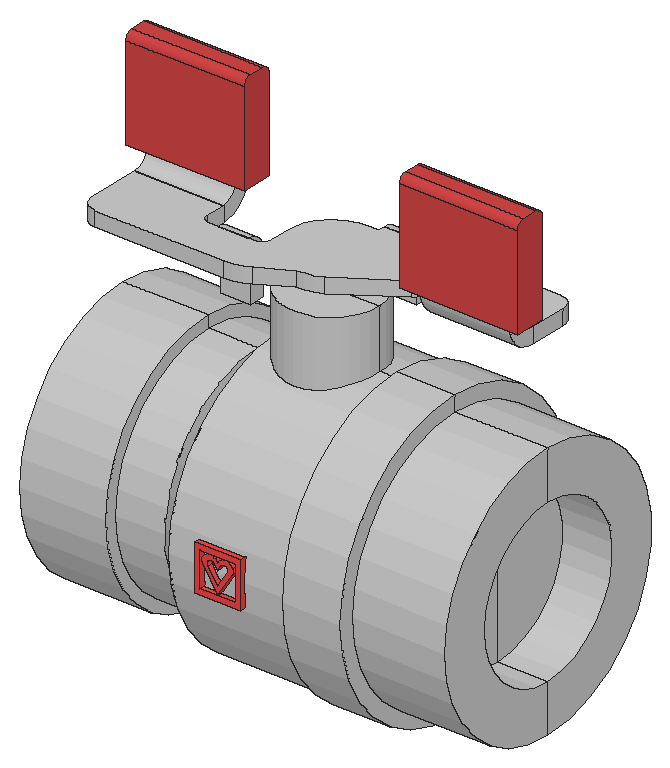
Revit family "HERZ Ball valve with T-handle (sheet steel) 2201", category Rohrzubehör, Revit 2018
Family settings
  Bemaßung runder Anschluss = Durchmesser verwenden
  Teiletyp = Unterbricht
  OmniClass-Nummer = 23.65.55.14
  OmniClass-Titel = Valves for Liquid Services
  Arbeitsebenenbasiert = Nein
  Immer vertikal = Ja
  Beim Laden mit Abzugskörper schneiden = Nein
  Gemeinsam genutzt = Nein
Parameters
  Weight [instance] = if(Nennweite = 15 mm, 0.17, if(Nennweite = 20 mm, 0.246, if(Nennweite = 25 mm, 0.458, if(Nennweite = 32 mm, 0.712, 0))))  # 0.712
  Spindle seals = "PTFE"  # constant formula
  Spindle = "machined brass according to EN 12164, CW614N"  # constant formula
  Part number [instance] = size_lookup("2201_3X_", "Artnr", 0, Nennweite)  # 1220134
  Min. operating temperature (water) = 0.5 °C  # constant formula
  Min. operating temperature = -30 °C  # constant formula
  Medium = "Heating water quality according to ÖNORM H5195 or VDI-Standard 2035.\r\nThe use of ethylene or propylene glycol in a mixing ratio 25- 50% is allowed."
  Max. operating temperature (water - no steam) = 110 °C  # constant formula
  Max. operating pressure (screw connection) = 1600000.0 Pa  # constant formula
  W01 = 135.00°  # constant formula
  URL = "www.herzvalves.com"
  SCRNSEQ = "ARM;ARM_TYP=\"ABVS\";2"
  SCRNCODE = "05;10;02"  # constant formula
  S02 [instance] = 2 * D01  # 51 mm
  S01 [instance] = L01 + L02 + L06  # 84.5 mm
  R01 [instance] = size_lookup("2201_3X_", "R1", 1 mm, Nennweite)  # 9.5 mm
  Nennweite [instance] = 32 mm
  Max. operating temperature = 150 °C  # constant formula
  Max. operating pressure = 2500000.0 Pa  # constant formula
  L06 [instance] = size_lookup("2201_3X_", "L6", 1 mm, Nennweite)  # 18.5 mm
  L05 [instance] = size_lookup("2201_3X_", "L5", 1 mm, Nennweite)  # 34.8 mm
  L04 [instance] = size_lookup("2201_3X_", "L4", 1 mm, Nennweite)  # 11.5 mm
  L03 [instance] = size_lookup("2201_3X_", "L3", 1 mm, Nennweite)  # 17 mm
  L02 [instance] = size_lookup("2201_3X_", "L2", 1 mm, Nennweite)  # 24.5 mm
  L01 [instance] = size_lookup("2201_3X_", "L1", 1 mm, Nennweite)  # 41.5 mm
  Internal threaded connectors = "according to ISO 228-1"  # constant formula
  IG [instance] = Nennweite / 2  # 16 mm
  Hersteller = "HERZ Armaturen Ges.m.b.H"  # constant formula
  Handle = "T-handle, red, sheet steel - plated"  # constant formula
  H01 [instance] = size_lookup("2201_3X_", "H1", 1 mm, Nennweite)  # 39 mm
  GT1 [instance] = size_lookup("2201_3X_", "GT1", 1 mm, Nennweite)  # 10 mm
  GT [instance] = size_lookup("2201_3X_", "GT", 1 mm, Nennweite)  # 16 mm
  Field of application = "HERZ ball valves have to be used as shut off elements.\r\nField of application are building services, such as heating or chilled water plants.\r\nBall valves are used wherever the medium flow has to be reliably closed.\r\nBall valve should not be used as regulating element so it has to be fully opened or fully closed (the handle should not be in intermediate position)."
  DN25-DN32 [instance] = if(Nennweite = 25 mm, 38 mm, 43 mm)  # 43 mm
  DN25+DN32 [instance] = or(Nennweite = 25 mm, Nennweite = 32 mm)  # yes
  DN15-DN20 [instance] = if(Nennweite = 15 mm, 28 mm, 31 mm)  # 31 mm
  DN15+DN20 [instance] = or(Nennweite = 15 mm, Nennweite = 20 mm)  # no
  D05 [instance] = size_lookup("2201_3X_", "D5", 1 mm, Nennweite)  # 25.55 mm
  D04 [instance] = size_lookup("2201_3X_", "D4", 1 mm, Nennweite)  # 27.5 mm
  D03 [instance] = size_lookup("2201_3X_", "D3", 1 mm, Nennweite)  # 28.5 mm
  D02 [instance] = size_lookup("2201_3X_", "D2", 1 mm, Nennweite)  # 23.2 mm
  D01 [instance] = size_lookup("2201_3X_", "D1", 1 mm, Nennweite)  # 25.5 mm
  Body = "forged brass according to EN 12165, nickel plated, CW617N"  # constant formula
  Ball seals = "PTFE"  # constant formula
  Ball = "forged brass according to EN 12165, hollow, full bore, hard chrome plated, CW617N"  # constant formula
  Application = "HERZ ball valve MODUL is designed for building services such as heating and chilled water plants.\r\nThe operating conditions (temperature, pressure) should be constant."
Reference planes
  plane 1 "Mitte (Vorne/hinten)": y = 0
  plane 2: z = 0
  plane 3 "Mitte (Links/rechts)": x = 0
Forms (mm)
  Revolve 1, solid, material "Messing, vernickelt", detail levels fine
    sketch origin (0, 0, 0) x (1, 0, 0) y (0, 0, 1)
      loop
        line (24.5, 25.55) -> (24.5, 28.5) -> (13, 28.5) -> (13, 27.5) -> (-10.3, 27.5) -> (-14.6, 23.2) -> (-24.5, 23.2) -> (-24.5, 25.5) -> (-41.5, 25.5) -> (-41.5, 16) -> (-25.5, 16) -> (-25.5, 0) -> (33, 0) -> (33, 16) -> (43, 16) -> (43, 25.55) -> (24.5, 25.55)
      axis (-41.5, 0) -> (43, 0)
    angle from 0 to 360
  Revolve 2, solid, material "Messing, vernickelt", detail levels fine
    sketch origin (0, 0, 0) x (1, 0, 0) y (0, 0, 1)
      loop
        line (0, 0) -> (5.522, 0) -> (5.522, 8.202) -> (9.5, 8.202) -> (9.5, 39) -> (0, 39) -> (0, 0)
      axis (0, 39) -> (0, 0)
    angle from 0 to 360
Lines and regions (mm)
  model lines, detail levels coarse+medium
    curve 1: line (-42.25, 25.5, 0) -> (-42.25, -25.5, 0)
    curve 2: line (-42.25, -25.5, 0) -> (42.25, 25.5, 0)
    curve 3: line (42.25, 25.5, 0) -> (42.25, -25.5, 0)
    curve 4: line (42.25, -25.5, 0) -> (-42.25, 25.5, 0)
    curve 5: circle (0, 0, 0) r 25.5 normal (0, 0, 1)
    curve 6: line (-25.25, 0, 25.5) -> (-25.25, 0, -25.5)
    curve 7: line (-25.25, 0, -25.5) -> (59.25, 0, 25.5)
    curve 8: line (59.25, 0, 25.5) -> (59.25, 0, -25.5)
    curve 9: line (59.25, 0, -25.5) -> (-25.25, 0, 25.5)
    curve 10: circle (0, 0, 0) r 25.5 normal (0, -1, 0)
Dimensions and locks
  "L01": Revolve 1 sketch curve to plane 3 "Mitte (Links/rechts)"
  "L02": Revolve 1 sketch curve to plane 3 "Mitte (Links/rechts)"
  "D01": Revolve 1 sketch curve to plane 2
  "D02": Revolve 1 sketch curve to plane 2
  "L03": Revolve 1 sketch curve to Revolve 1 sketch curve
  "GT": Revolve 1 sketch curve to Revolve 1 sketch curve
  "IG": Revolve 1 sketch curve to plane 2
  "R01": Revolve 2 sketch curve to plane 3 "Mitte (Links/rechts)"
  "H01": Revolve 2 sketch curve to plane 2
  "D03": Revolve 1 sketch curve to plane 2
  "D04": Revolve 1 sketch curve to plane 2
  "L04": Revolve 1 sketch curve to Revolve 1 sketch curve
  "L05": Revolve 1 sketch curve to Revolve 1 sketch curve
  "IG": Revolve 1 sketch curve to Revolve 1 sketch curve
  "GT1": Revolve 1 sketch curve to Revolve 1 sketch curve
  "L06": Revolve 1 sketch curve to Revolve 1 sketch curve
  "D05": Revolve 1 sketch curve to Revolve 1 sketch curve
  "D04": nested 1 to plane 1 "Mitte (Vorne/hinten)"
  equal spacing: curve 2, plane 1 "Mitte (Vorne/hinten)", curve 4
  equal spacing: curve 4, plane 1 "Mitte (Vorne/hinten)", curve 3
  "S02": curve 4 to curve 2
  "S02": curve 3 to curve 4
  equal spacing: curve 1, plane 3 "Mitte (Links/rechts)", curve 3
  "S01": curve 1 to curve 3
  "S02": curve 9 to curve 7
  equal spacing: curve 9, plane 2, curve 7
  equal spacing: curve 8, plane 2, curve 9
  "S02": curve 8 to curve 9
  curve 6 to curve 8 = 84.5 mm
  "S01": curve 6 to curve 8
  "DN15-DN20": nested 2 to plane 2
  "DN25-DN32": nested 3 to plane 2
  "S02": diameter of curve 5
  "S02": diameter of curve 10
  "W01": angle Revolve 1 sketch curve to Revolve 1 sketch curve
  aligned and locked: level to plane 2
Automatic sketch dimensions
  curve 10 to level = 0 mm
  curve 10 to plane 3 "Mitte (Links/rechts)" = 0 mm
  curve 6 to plane 3 "Mitte (Links/rechts)" = 25.25 mm
  plane 1 "Mitte (Vorne/hinten)" to curve 5 = 0 mm
  curve 5 to plane 3 "Mitte (Links/rechts)" = 0 mm
  Revolve 1 sketch curve to level = 0 mm  (x2)
  Revolve 1 sketch curve to Revolve 1 sketch curve = 1481.63 mm
  Revolve 1 sketch curve to Revolve 1 sketch curve = 1814.648 mm
  Revolve 2 sketch curve to level = 0 mm
  Revolve 2 sketch curve to plane 3 "Mitte (Links/rechts)" = 0 mm  (x2)
  plane 3 "Mitte (Links/rechts)" to Revolve 2 sketch curve = 5.522 mm
  level to Revolve 2 sketch curve = 8.202 mm
  Revolve 2 sketch curve to Revolve 2 sketch curve = 366.045 mm
  Revolve 2 sketch curve to Revolve 2 sketch curve = 2190.315 mm
Nested families
  nested 1: "Herz-Logo-vorne" at (0, -27.5, 0) x (0, 1, 0) z (0, 0, 1), type "Herz-Logo-vorne", detail levels fine
  nested 2: "Knebelgriff (Blech) DN15-DN20" at (0, 0, 31), visible <- "DN15+DN20", type "Knebelgriff (Blech) DN15-DN20"
  nested 3: "Knebelgriff (Blech) DN25-DN32" at (0, 0, 43), visible <- "DN25+DN32", type "Knebelgriff (Blech) DN25-DN32"
Connectors
  piping at (6.5, 0, 0), diameter 32, driven by "Nennweite"
    settings: on Revolve 1, index 1, connector inside diameter 609.6 mm, connector length 0 mm, flow factor 0, pipe flow 0.0 L/s, pressure drop 0.0 Pa, fitting loss kfactor 0, connector angle 0.00°, fixture units 0, engagement length 0 mm, angle of deflection 0.00°, flow configuration 0, flow direction 0, fitting loss method 0, system type 7, joint type 0, gender type 0, connector reference index -1, connector utility 0, adjustable connector no, is connector primary yes, connector description ""
  piping at (-25.5, 0, 0), diameter 32, driven by "Nennweite"
    settings: on Revolve 1, index 2, connector inside diameter 609.6 mm, connector length 0 mm, flow factor 0, pipe flow 0.0 L/s, pressure drop 0.0 Pa, fitting loss kfactor 0, connector angle 0.00°, fixture units 0, engagement length 0 mm, angle of deflection 0.00°, flow configuration 0, flow direction 0, fitting loss method 0, system type 7, joint type 0, gender type 0, connector reference index -1, connector utility 0, adjustable connector no, is connector primary no, connector description ""
Definition of nested family "Herz-Logo-vorne"
  Reference planes
    plane 1 "Mitte (Vorne/hinten)": y = 0
    plane 2: z = 0
    plane 3 "Mitte (Links/rechts)": x = 0
  Forms (mm)
    Extrusion 1, solid
      sketch origin (0.732, -0.018, 0.017) x (0, -1, 0) y (0, 0, 1)
        loop
          line (-0.018, -4.517) -> (4.482, -4.517) -> (4.482, 4.483) -> (-4.518, 4.483) -> (-4.518, -4.517) -> (-0.018, -4.517)
        loop
          line (-0.05, -3.48) -> (3.482, -3.48) -> (3.482, 3.483) -> (-3.518, 3.483) -> (-3.518, -3.48) -> (-0.05, -3.48)
        loop
          arc (-0.018, 2.383) -> (-1.543, 3.287) -> (-3.067, 2.383) r 1.738
          arc (-3.067, 2.383) -> (-3.191, 1.899) -> (-3.067, 1.415) r 1.009
          line (-3.067, 1.415) -> (-0.018, -3.281) -> (3.032, 1.415)
          arc (3.032, 1.415) -> (3.156, 1.899) -> (3.032, 2.383) r 1.009
          arc (3.032, 2.383) -> (1.507, 3.287) -> (-0.018, 2.383) r 1.738
        loop
          arc (1.885, 1.272) -> (2.005, 1.675) -> (1.885, 2.079) r 0.74
          arc (1.885, 2.079) -> (1.265, 2.416) -> (0.644, 2.079) r 0.74
          line (0.644, 2.079) -> (-0.018, 0.97) -> (-0.679, 2.079)
          arc (-0.679, 2.079) -> (-1.3, 2.416) -> (-1.921, 2.079) r 0.74
          arc (-1.921, 2.079) -> (-2.04, 1.675) -> (-1.921, 1.272) r 0.74
          line (-1.921, 1.272) -> (-0.018, -1.658) -> (1.885, 1.272)
      from 0 to 1.5
  Dimensions and locks
    aligned and locked: level to plane 2
Definition of nested family "Knebelgriff (Blech) DN15-DN20"
  Reference planes
    plane 1 "Mitte (Vorne/hinten)": y = 0
    plane 2: z = 0
    plane 3 "Mitte (Links/rechts)": x = 0
  Forms (mm)
    Extrusion 1, solid, detail levels fine
      sketch origin (0, 0, 0) x (1, 0, 0) y (0, 1, 0)
        loop
          line (-7, 0) -> (-7, -3.8)
          arc (-7, -3.8) -> (-7.439, -4.861) -> (-8.5, -5.3) r 1.5
          line (-8.5, -5.3) -> (-14.5, -5.3)
          arc (-14.5, -5.3) -> (-15.561, -4.861) -> (-16, -3.8) r 1.5
          line (-16, -3.8) -> (-16, 0) -> (-28, 0) -> (-28, -8.1)
          arc (-28, -8.1) -> (-27.121, -10.221) -> (-25, -11.1) r 3
          line (-25, -11.1) -> (-3.453, -11.1)
          arc (-3.453, -11.1) -> (-2.496, -10.91) -> (-1.685, -10.368) r 2.5
          line (-1.685, -10.368) -> (4.443, -4.24)
          arc (4.443, -4.24) -> (5.743, -2.295) -> (6.2, 0) r 6
          arc (6.2, 0) -> (6.64, 1.06) -> (7.7, 1.499) r 1.5
          line (7.7, 1.499) -> (15.1, 1.499)
          arc (15.1, 1.499) -> (16.16, 1.06) -> (16.6, 0) r 1.5
          line (16.6, 0) -> (28.6, 0) -> (28.6, 4)
          arc (28.6, 4) -> (27.721, 6.121) -> (25.6, 7) r 3
          line (25.6, 7) -> (0, 7)
          arc (0, 7) -> (-4.95, 4.95) -> (-7, 0) r 7
      from 0 to 2.5
    Extrusion 2, solid, detail levels fine
      sketch origin (0, 0, 0) x (0, 1, 0) y (0, 0, 1)
        loop
          arc (2.5, 5) -> (1.768, 3.232) -> (0, 2.5) r 2.5
          line (0, 2.5) -> (0, 0)
          arc (0, 0) -> (3.536, 1.464) -> (5, 5) r 5
          line (5, 5) -> (5, 6) -> (2.5, 6) -> (2.5, 5)
      from -28 to -16
    Extrusion 3, solid, detail levels fine
      sketch origin (0, 5.3, 0) x (0, 1, 0) y (0, 0, 1)
        loop
          line (-7.8, 5) -> (-7.8, 6) -> (-10.3, 6) -> (-10.3, 5)
          arc (-10.3, 5) -> (-8.836, 1.464) -> (-5.3, 0) r 5
          line (-5.3, 0) -> (-5.3, 2.5)
          arc (-5.3, 2.5) -> (-7.068, 3.232) -> (-7.8, 5) r 2.5
      from 16.6 to 28.6
    Extrusion 4, solid, detail levels fine
      sketch origin (0, 0, 0) x (0, 1, 0) y (0, 0, 1)
        loop
          line (5.75, 6) -> (5.75, 17.041)
          arc (5.75, 17.041) -> (5.469, 17.719) -> (4.791, 18) r 0.959
          line (4.791, 18) -> (2.773, 18)
          arc (2.773, 18) -> (2.05, 17.7) -> (1.75, 16.977) r 1.023
          line (1.75, 16.977) -> (1.75, 6) -> (5.75, 6)
      from -29.7 to -14.3
    Extrusion 5, solid, detail levels fine
      sketch origin (0, 0, 0) x (0, 1, 0) y (0, 0, 1)
        loop
          line (-5.75, 6) -> (-1.75, 6) -> (-1.75, 17)
          arc (-1.75, 17) -> (-2.043, 17.707) -> (-2.75, 18) r 1
          line (-2.75, 18) -> (-4.75, 18)
          arc (-4.75, 18) -> (-5.457, 17.707) -> (-5.75, 17) r 1
          line (-5.75, 17) -> (-5.75, 6)
      from 30.3 to 14.9
    Extrusion 6, solid, detail levels fine
      sketch origin (0, 0, 0) x (0, 1, 0) y (0, 0, 1)
        loop
          line (9, -2) -> (9, -8) -> (11.5, -8) -> (11.5, -2)
          arc (11.5, -2) -> (10.182, 1.182) -> (7, 2.5) r 4.5
          line (7, 2.5) -> (7, 0)
          arc (7, 0) -> (8.414, -0.586) -> (9, -2) r 2
      from 8.1 to 2.1
    Extrusion 7, solid, detail levels fine
      sketch origin (0, 0, 0) x (0, 1, 0) y (0, 0, 1)
        loop
          line (-4.3, -1) -> (-4.3, -8) -> (-1.8, -8) -> (-1.8, -1)
          arc (-1.8, -1) -> (-2.825, 1.475) -> (-5.3, 2.5) r 3.5
          line (-5.3, 2.5) -> (-5.3, 0)
          arc (-5.3, 0) -> (-4.593, -0.293) -> (-4.3, -1) r 1
      from -14.5 to -8.5
  Dimensions and locks
    aligned and locked: level to plane 2
Definition of nested family "Knebelgriff (Blech) DN25-DN32"
  Reference planes
    plane 1 "Mitte (Vorne/hinten)": y = 0
    plane 2: z = 0
    plane 3 "Mitte (Links/rechts)": x = 0
  Forms (mm)
    Extrusion 1, solid, detail levels fine
      sketch origin (0, 0, 0) x (1, 0, 0) y (0, 1, 0)
        loop
          arc (0, 9) -> (-6.364, 6.364) -> (-9, 0) r 9
          line (-9, 0) -> (-9, -4.1)
          arc (-9, -4.1) -> (-9.439, -5.161) -> (-10.5, -5.6) r 1.5
          line (-10.5, -5.6) -> (-20, -5.6)
          arc (-20, -5.6) -> (-21.061, -5.161) -> (-21.5, -4.1) r 1.5
          line (-21.5, -4.1) -> (-21.5, 0) -> (-39.1, 0) -> (-39.1, -10.6)
          arc (-39.1, -10.6) -> (-38.221, -12.721) -> (-36.1, -13.6) r 3
          line (-36.1, -13.6) -> (-10.5, -13.6)
          arc (-10.5, -13.6) -> (-8.037, -13.275) -> (-5.742, -12.323) r 9.5
          line (-5.742, -12.323) -> (0, -9)
          arc (0, -9) -> (2.463, -8.675) -> (4.758, -7.723) r 9.5
          line (4.758, -7.723) -> (16.029, -0.25)
          arc (16.029, -0.25) -> (16.522, 0.291) -> (16.7, 1) r 1.5
          arc (16.7, 1) -> (17.139, 2.061) -> (18.2, 2.5) r 1.5
          line (18.2, 2.5) -> (20.9, 2.5)
          arc (20.9, 2.5) -> (21.961, 2.061) -> (22.4, 1) r 1.5
          line (22.4, 1) -> (22.4, 0) -> (40, 0) -> (40, 7.5)
          arc (40, 7.5) -> (39.121, 9.621) -> (37, 10.5) r 3
          line (37, 10.5) -> (2.1, 10.5) -> (2.1, 9) -> (0, 9)
      from 0 to 3
    Extrusion 2, solid, detail levels fine
      sketch origin (0, 0, 0) x (0, 1, 0) y (0, 0, 1)
        loop
          arc (3, 6) -> (2.121, 3.879) -> (0, 3) r 3
          line (0, 3) -> (0, 0)
          arc (0, 0) -> (4.243, 1.757) -> (6, 6) r 6
          line (6, 6) -> (3, 6)
      from -39.1 to -21.5
    Extrusion 3, solid, detail levels fine
      sketch origin (0, 0, 0) x (0, 1, 0) y (0, 0, 1)
        loop
          arc (0, 3) -> (-2.121, 3.879) -> (-3, 6) r 3
          line (-3, 6) -> (-6, 6)
          arc (-6, 6) -> (-4.243, 1.757) -> (0, 0) r 6
          line (0, 0) -> (0, 3)
      from 22.4 to 40
    Extrusion 4, solid, detail levels fine
      sketch origin (0, 0, 0) x (0, 1, 0) y (0, 0, 1)
        loop
          line (7.5, 6) -> (7.5, 24.5)
          arc (7.5, 24.5) -> (7.061, 25.561) -> (6, 26) r 1.5
          line (6, 26) -> (3, 26)
          arc (3, 26) -> (1.939, 25.561) -> (1.5, 24.5) r 1.5
          line (1.5, 24.5) -> (1.5, 6) -> (7.5, 6)
      from -42.05 to -18.55
    Extrusion 5, solid, detail levels fine
      sketch origin (0, 0, 0) x (0, 1, 0) y (0, 0, 1)
        loop
          line (-7.5, 6) -> (-1.5, 6) -> (-1.5, 24.5)
          arc (-1.5, 24.5) -> (-1.939, 25.561) -> (-3, 26) r 1.5
          line (-3, 26) -> (-6, 26)
          arc (-6, 26) -> (-7.061, 25.561) -> (-7.5, 24.5) r 1.5
          line (-7.5, 24.5) -> (-7.5, 6)
      from 19.45 to 42.95
    Extrusion 6, solid, detail levels fine
      sketch origin (0, 0, 0) x (0, 1, 0) y (0, 0, 1)
        loop
          arc (14, -0.5) -> (12.975, 1.975) -> (10.5, 3) r 3.5
          line (10.5, 3) -> (10.5, 0)
          arc (10.5, 0) -> (10.854, -0.146) -> (11, -0.5) r 0.5
          line (11, -0.5) -> (11, -9) -> (14, -9) -> (14, -0.5)
      from 2.1 to 8.1
    Extrusion 7, solid, detail levels fine
      sketch origin (0, -16.1, 0) x (0, 1, 0) y (0, 0, 1)
        loop
          arc (14, -0.5) -> (12.975, 1.975) -> (10.5, 3) r 3.5
          line (10.5, 3) -> (10.5, 0)
          arc (10.5, 0) -> (10.854, -0.146) -> (11, -0.5) r 0.5
          line (11, -0.5) -> (11, -9) -> (14, -9) -> (14, -0.5)
      from -12 to -18
  Dimensions and locks
    aligned and locked: level to plane 2
